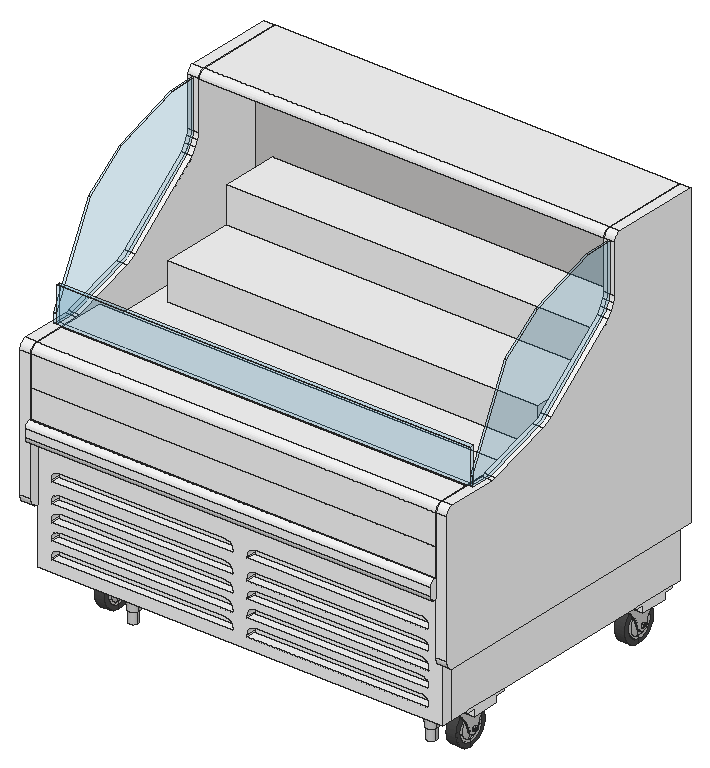
Revit family "QF_EVEREST_EOMH-48-_-35-S_cat", category Specialty Equipment, Revit 2017
Family settings
  Round Connector Dimension = Use Diameter
  Part Type = Normal
  Work Plane-Based = No
  Always vertical = Yes
  Cut with Voids When Loaded = No
  Shared = No
  Room Calculation Point = No
Parameters (values of type "QF_EVEREST_EOMH-48-_-35-S_cat")
  Weight in Pounds = 0
  Watts = if(Phase = 3, Volts * FL Amps * 1.73, Volts * FL Amps)  # 862.5 W
  Volts = 115 V
  URL Cutsheet = ""
  Specification by User = ""
  Specification by Manufacturer = ""
  Serial Number = ""
  Seismic Rating = ""
  SMACNA No = ""
  Revision Code = ""
  Refrigerant Volume = 0.00 kip
  Refrigerant Type = "R290"
  Phase = 1
  Number of Poles = 1
  NAFEM Spec ID Number = ""
  Model = "EOMH-36-B-35-S"
  Min Ckt Ampacity = 0 A
  Max Overcurrent Protection = 0 A
  Materials and Finishes = QF_Plastic - White - Smooth
  Masterspec = ""
  Manufacturer = "EVEREST"
  Length = 48"
  Item Number = ""
  Installed By = ""
  Identify Quantity as Lot = yes
  Height = 46"
  HP = "3/4"  # constant formula
  Furnished By = ""
  Foodservice Equipment Identifier = yes
  FL Amps = 7.5 A  # constant formula
  Electrical Remarks = ""
  Electric Connection Type = ""
  Elec Conn RI Height = 0"
  Elec Conn Connection Height = 0"
  Description = "OPEN AIR MERCHANDISERS"
  Depth = 34 1/4"  # constant formula
  Cycle = 60 Hz
  Conn Plug = "NEMA 5-20P"
  Conn Conduit = yes
  CSI MasterFormat = ""
  BTUH = 0.0 Btu/h
  Apparent Power = if(Phase = 3, Volts * FL Amps * 1.73, Volts * FL Amps)  # 862.5 VA
Reference planes (in)
  plane 1 "BACK": y = 0
  plane 2: z = 0
  plane 3 "LEFT": x = 0
  plane 4 "RIGHT": x = 48
  plane 5 "FRONT": y = -35
  plane 6 "TOP": z = 46
  plane 7 "Center Y": x = 24
  plane 8 "Center X": y = -17.5
  plane 9: z = 5
  plane 10: y = -34.25
  plane 11: z = 28.75
  plane 12: z = 27.60291
  plane 13: z = 41.47791
  plane 14: z = 34.60291
  plane 15: z = 30.60291
  plane 16: x = 34.02396
  plane 17: x = 4.24624
  plane 18: x = 43.75376
  plane 19: x = 12
Forms (in)
  Extrusion 1, solid, material "QF_Plastic - White - Smooth" <- "Materials and Finishes"
    sketch origin (0, 0, 0) x (0, 1, 0) y (0, 0, 1)
      loop
        line (-34.25, 27.89222) -> (-34.25, 13.267)
        arc (-34.25, 13.267) -> (-33.95711, 12.55989) -> (-33.25, 12.267) r 1
        line (-33.25, 12.267) -> (0, 12.267) -> (0, 46) -> (-9.89202, 46)
        arc (-9.89202, 46) -> (-10.42235, 45.78033) -> (-10.64202, 45.25) r 0.75
        line (-10.64202, 45.25) -> (-10.64202, 39.81762)
        arc (-10.64202, 39.81762) -> (-10.67655, 39.48909) -> (-10.77862, 39.17493) r 1.58011
        line (-10.77862, 39.17493) -> (-11.07326, 38.51317)
        arc (-11.07326, 38.51317) -> (-11.27864, 38.16795) -> (-11.55894, 37.88021) r 1.70881
        line (-11.55894, 37.88021) -> (-19.4737, 31.47097)
        arc (-19.4737, 31.47097) -> (-20.01081, 31.10868) -> (-20.60268, 30.84517) r 3.71678
        line (-20.60268, 30.84517) -> (-27.34035, 28.82267)
        arc (-27.34035, 28.82267) -> (-27.58511, 28.76826) -> (-27.83519, 28.75) r 1.72116
        line (-27.83519, 28.75) -> (-33.39222, 28.75)
        arc (-33.39222, 28.75) -> (-33.99876, 28.49876) -> (-34.25, 27.89222) r 0.85778
    from 0 to 1.22604
  Extrusion 2, solid, material "QF_Plastic - White - Smooth" <- "Materials and Finishes"
    sketch origin (0, 0, 0) x (0, 1, 0) y (0, 0, 1)
      loop
        line (0, 46) -> (-9.89202, 46)
        arc (-9.89202, 46) -> (-10.42235, 45.78033) -> (-10.64202, 45.25) r 0.75
        line (-10.64202, 45.25) -> (-2.75, 45.25) -> (-2.75, 24.45765) -> (-33.25, 24.45765) -> (-33.25, 21.29979) -> (-34.35184, 21.29979)
        arc (-34.35184, 21.29979) -> (-34.81016, 21.10995) -> (-35, 20.65164) r 0.64816
        line (-35, 20.65164) -> (-35, 19.73115)
        arc (-35, 19.73115) -> (-34.82789, 19.31565) -> (-34.41239, 19.14354) r 0.58761
        line (-34.41239, 19.14354) -> (-33.25, 19.14354) -> (-32.25, 19.14354) -> (-32.25, 6.017) -> (0, 6.017) -> (0, 46)
    from 1.22604 to 46.78125
  Extrusion 3, solid, material "QF_Plastic - White - Smooth" <- "Materials and Finishes"
    sketch origin (0, -32.25, 6.017) x (0, 0, 1) y (-1, 0, 0)
      loop
        line (13.12655, -1.22604) -> (0, -1.22604) -> (0, -46.78125) -> (13.12655, -46.78125) -> (13.12655, -1.22604)
      loop
        arc (10.31385, -3.79099) -> (10.02095, -3.08389) -> (9.31385, -2.79099) r 1
        line (9.31385, -2.79099) -> (9.12635, -2.79099) -> (9.12635, -23.23578) -> (9.31385, -23.23578)
        arc (9.31385, -23.23578) -> (10.02095, -22.94289) -> (10.31385, -22.23578) r 1
        line (10.31385, -22.23578) -> (10.31385, -3.79099)
      loop
        line (10.31385, -44.21629) -> (10.31385, -25.77879)
        arc (10.31385, -25.77879) -> (10.02095, -25.07169) -> (9.31385, -24.77879) r 1
        line (9.31385, -24.77879) -> (9.12635, -24.77879) -> (9.12635, -45.21629) -> (9.31385, -45.21629)
        arc (9.31385, -45.21629) -> (10.02095, -44.9234) -> (10.31385, -44.21629) r 1
      loop
        arc (8.06385, -3.79099) -> (7.77095, -3.08389) -> (7.06385, -2.79099) r 1
        line (7.06385, -2.79099) -> (6.87635, -2.79099) -> (6.87635, -23.23578) -> (7.06385, -23.23578)
        arc (7.06385, -23.23578) -> (7.77095, -22.94289) -> (8.06385, -22.23578) r 1
        line (8.06385, -22.23578) -> (8.06385, -3.79099)
      loop
        line (8.06385, -44.21629) -> (8.06385, -25.77879)
        arc (8.06385, -25.77879) -> (7.77095, -25.07169) -> (7.06385, -24.77879) r 1
        line (7.06385, -24.77879) -> (6.87635, -24.77879) -> (6.87635, -45.21629) -> (7.06385, -45.21629)
        arc (7.06385, -45.21629) -> (7.77095, -44.9234) -> (8.06385, -44.21629) r 1
      loop
        arc (6.19272, -3.79099) -> (5.89982, -3.08389) -> (5.19272, -2.79099) r 1
        line (5.19272, -2.79099) -> (5.00522, -2.79099) -> (5.00522, -23.23578) -> (5.19272, -23.23578)
        arc (5.19272, -23.23578) -> (5.89982, -22.94289) -> (6.19272, -22.23578) r 1
        line (6.19272, -22.23578) -> (6.19272, -3.79099)
      loop
        line (6.19272, -44.21629) -> (6.19272, -25.77879)
        arc (6.19272, -25.77879) -> (5.89982, -25.07169) -> (5.19272, -24.77879) r 1
        line (5.19272, -24.77879) -> (5.00522, -24.77879) -> (5.00522, -45.21629) -> (5.19272, -45.21629)
        arc (5.19272, -45.21629) -> (5.89982, -44.9234) -> (6.19272, -44.21629) r 1
      loop
        arc (4.32159, -3.79099) -> (4.02869, -3.08389) -> (3.32159, -2.79099) r 1
        line (3.32159, -2.79099) -> (3.13409, -2.79099) -> (3.13409, -23.23578) -> (3.32159, -23.23578)
        arc (3.32159, -23.23578) -> (4.02869, -22.94289) -> (4.32159, -22.23578) r 1
        line (4.32159, -22.23578) -> (4.32159, -3.79099)
      loop
        line (4.32159, -44.21629) -> (4.32159, -25.77879)
        arc (4.32159, -25.77879) -> (4.02869, -25.07169) -> (3.32159, -24.77879) r 1
        line (3.32159, -24.77879) -> (3.13409, -24.77879) -> (3.13409, -45.21629) -> (3.32159, -45.21629)
        arc (3.32159, -45.21629) -> (4.02869, -44.9234) -> (4.32159, -44.21629) r 1
      loop
        arc (2.45046, -3.79099) -> (2.15757, -3.08389) -> (1.45046, -2.79099) r 1
        line (1.45046, -2.79099) -> (1.26296, -2.79099) -> (1.26296, -23.23578) -> (1.45046, -23.23578)
        arc (1.45046, -23.23578) -> (2.15757, -22.94289) -> (2.45046, -22.23578) r 1
        line (2.45046, -22.23578) -> (2.45046, -3.79099)
      loop
        line (2.45046, -44.21629) -> (2.45046, -25.77879)
        arc (2.45046, -25.77879) -> (2.15757, -25.07169) -> (1.45046, -24.77879) r 1
        line (1.45046, -24.77879) -> (1.26296, -24.77879) -> (1.26296, -45.21629) -> (1.45046, -45.21629)
        arc (1.45046, -45.21629) -> (2.15757, -44.9234) -> (2.45046, -44.21629) r 1
    from 0 to 1.03984
  Extrusion 4, solid, material "QF_Plastic - White - Smooth" <- "Materials and Finishes"
    sketch origin (1.22604, 0, 0) x (0, 1, 0) y (0, 0, 1)
      loop
        line (-33.25, 21.29979) -> (-33.25, 24.45765) -> (-34.25, 24.45765) -> (-34.25, 21.29979) -> (-33.25, 21.29979)
    from 0 to 45.55521
  Extrusion 5, solid, material "QF_Plastic - White - Smooth" <- "Materials and Finishes"
    sketch origin (1.22604, 0, -1.12184) x (0, 1, 0) y (0, 0, 1)
      loop
        line (-30, 29.87184) -> (-30, 25.5795) -> (-2.75, 25.5795) -> (-2.75, 27.57767) -> (-24.75, 27.57767) -> (-24.75, 29.87184) -> (-30, 29.87184)
    from 0 to 45.55521
  Extrusion 6, solid, material "QF_Plastic - White - Smooth"
    sketch origin (0, 0, 0) x (0, 1, 0) y (0, 0, 1)
      loop
        line (-9.25, 30.60291) -> (-17.5, 30.60291) -> (-17.5, 26.45582) -> (-2.75, 26.45582) -> (-2.75, 34.60291) -> (-9.25, 34.60291) -> (-9.25, 30.60291)
    from 3.22604 to 44.77396
  Extrusion 7, solid, material "QF_Plastic - White - Smooth" <- "Materials and Finishes"
    sketch origin (0, 0, 0) x (0, 1, 0) y (0, 0, 1)
      loop
        line (-29.89975, 6.017) -> (-29.89975, 5.767) -> (-28.83868, 5.767) -> (-28.83868, 5) -> (-25.83868, 5) -> (-25.83868, 5.767) -> (-24.79418, 5.767) -> (-24.79418, 6.017) -> (-29.89975, 6.017)
      loop
        line (-6.20569, 6.017) -> (-6.20569, 5.767) -> (-5.14462, 5.767) -> (-5.14462, 5) -> (-2.14462, 5) -> (-2.14462, 5.767) -> (-1.10012, 5.767) -> (-1.10012, 6.017) -> (-6.20569, 6.017)
    from 1.22604 to 46.78125
  Extrusion 8, solid, material "QF_Plastic - White - Smooth" <- "Materials and Finishes"
    sketch origin (1.22604, 0, -1.12184) x (0, 1, 0) y (0, 0, 1)
      loop
        line (-34.25, 29.0036) -> (-34.25, 25.5795) -> (-30, 25.5795) -> (-30, 29.87184) -> (-33.38176, 29.87184)
        arc (-33.38176, 29.87184) -> (-33.9957, 29.61754) -> (-34.25, 29.0036) r 0.86824
    from 0 to 45.55521
  Extrusion 9, solid, material "Glass"
    sketch origin (1.22604, 0, 0) x (0, 1, 0) y (0, 0, 1)
      loop
        arc (-11.55894, 37.88021) -> (-11.27864, 38.16795) -> (-11.07326, 38.51317) r 1.70881
        line (-11.07326, 38.51317) -> (-10.77862, 39.17493)
        arc (-10.77862, 39.17493) -> (-10.67655, 39.48909) -> (-10.64202, 39.81762) r 1.58011
        line (-10.64202, 39.81762) -> (-10.64202, 45.10064) -> (-13.67862, 45.10064) -> (-20.83286, 42.70924) -> (-25.14273, 39.53363) -> (-29.99971, 29.89792) -> (-29.99971, 28.75) -> (-27.83519, 28.75)
        arc (-27.83519, 28.75) -> (-27.58511, 28.76826) -> (-27.34035, 28.82267) r 1.72116
        line (-27.34035, 28.82267) -> (-20.0367, 31.01506) -> (-11.55894, 37.88021)
    from -0.51714 to -0.7699
  Extrusion 10, solid, material "Glass"
    sketch origin (48, 0, 0) x (0, -1, 0) y (0, 0, 1)
      loop
        line (20.83286, 42.70924) -> (13.67862, 45.10064) -> (10.64202, 45.10064) -> (10.64202, 39.81762)
        arc (10.64202, 39.81762) -> (10.67655, 39.48909) -> (10.77862, 39.17493) r 1.58011
        line (10.77862, 39.17493) -> (11.07326, 38.51317)
        arc (11.07326, 38.51317) -> (11.27864, 38.16795) -> (11.55894, 37.88021) r 1.70881
        line (11.55894, 37.88021) -> (20.0367, 31.01506) -> (27.34035, 28.82267)
        arc (27.34035, 28.82267) -> (27.58511, 28.76826) -> (27.83519, 28.75) r 1.72116
        line (27.83519, 28.75) -> (29.99971, 28.75) -> (29.99971, 29.89792) -> (25.14273, 39.53363) -> (20.83286, 42.70924)
    from 0.51563 to 0.76953
  Extrusion 11, solid, material "QF_Plastic - White - Smooth" <- "Materials and Finishes"
    sketch origin (48, 0, 0) x (0, -1, 0) y (0, 0, 1)
      loop
        arc (34.25, 27.89222) -> (33.99876, 28.49876) -> (33.39222, 28.75) r 0.85778
        line (33.39222, 28.75) -> (27.83519, 28.75)
        arc (27.83519, 28.75) -> (27.58511, 28.76826) -> (27.34035, 28.82267) r 1.72116
        line (27.34035, 28.82267) -> (20.60268, 30.84517)
        arc (20.60268, 30.84517) -> (20.01081, 31.10868) -> (19.4737, 31.47097) r 3.71678
        line (19.4737, 31.47097) -> (11.55894, 37.88021)
        arc (11.55894, 37.88021) -> (11.27864, 38.16795) -> (11.07326, 38.51317) r 1.70881
        line (11.07326, 38.51317) -> (10.77862, 39.17493)
        arc (10.77862, 39.17493) -> (10.67655, 39.48909) -> (10.64202, 39.81762) r 1.58011
        line (10.64202, 39.81762) -> (10.64202, 45.25)
        arc (10.64202, 45.25) -> (10.42235, 45.78033) -> (9.89202, 46) r 0.75
        line (9.89202, 46) -> (0, 46) -> (0, 12.267) -> (33.25, 12.267)
        arc (33.25, 12.267) -> (33.95711, 12.55989) -> (34.25, 13.267) r 1
        line (34.25, 13.267) -> (34.25, 27.89222)
    from 0 to 1.21875
  Extrusion 12, solid, material "QF_Metal - Stainless - Polished"
    sketch origin (-6.625, 0.75, 0) x (1, 0, 0) y (0, 1, 0)
      loop
        line (17.93111, 0.25) -> (17.62982, -0.625) -> (17.14606, -0.625) -> (17.08777, -0.75) -> (17.71898, -0.75) -> (18.02027, 0.125) -> (19.22973, 0.125) -> (19.53102, -0.75) -> (20.16223, -0.75) -> (20.10394, -0.625) -> (19.62018, -0.625) -> (19.31889, 0.25) -> (17.93111, 0.25)
    from 30.20553 to 31.45625
  Extrusion 13, solid, material "Glass"
    sketch origin (0.7089, 0, 0) x (0, 1, 0) y (0, 0, 1)
      loop
        line (-30, 28.75) -> (-29.5, 28.75) -> (-29.5, 32.75) -> (-30, 32.75) -> (-30, 28.75)
    from 0 to 46.52157
  Extrusion 14, solid, material "QF_Metal - Stainless - Polished"
    sketch origin (54.625, 0.75, 0) x (-1, 0, 0) y (0, -1, 0)
      loop
        line (17.93111, -0.25) -> (19.31889, -0.25) -> (19.62018, 0.625) -> (20.10394, 0.625) -> (20.16223, 0.75) -> (19.53102, 0.75) -> (19.22973, -0.125) -> (18.02027, -0.125) -> (17.71898, 0.75) -> (17.08777, 0.75) -> (17.14606, 0.625) -> (17.62982, 0.625) -> (17.93111, -0.25)
    from 30.20553 to 31.45625
Lines and regions (in)
  symbolic lines
    curve 1: line (0, -34.25, 0) -> (48, -34.25, 0)
    curve 2: line (0, 0, 0) -> (0, -34.25, 0)
    curve 3: line (48, 0, 0) -> (0, 0, 0)
    curve 4: line (48, -34.25, 0) -> (48, 0, 0)
    curve 5: line (1.22604, -35, 0) -> (1.22604, -34.25, 0)
    curve 6: line (1.22604, -35, 0) -> (46.77396, -35, 0)
    curve 7: line (46.77396, -35, 0) -> (46.77396, -34.25, 0)
    curve 8: line (1.22604, 0, 0) -> (1.22604, -34.25, 0)
    curve 9: line (46.77396, 0, 0) -> (46.77396, -34.25, 0)
    curve 10: line (0.45614, -30.09346, 0) -> (0.7089, -30.09346, 0)
    curve 11: line (0.7089, -30.09346, 0) -> (0.7089, -10.64202, 0)
    curve 12: line (0.45614, -30.09346, 0) -> (0.45614, -10.64202, 0)
    curve 13: line (0, -10.64202, 0) -> (48, -10.64202, 0)
    curve 14: line (47.2911, -30.09346, 0) -> (47.2911, -10.64202, 0)
    curve 15: line (47.2911, -30.09346, 0) -> (47.54386, -30.09346, 0)
    curve 16: line (47.54386, -30.09346, 0) -> (47.54386, -10.64202, 0)
    curve 17: line (1.22604, -24.75, 0) -> (46.77396, -24.75, 0)
    curve 18: line (12.69389, 1, 0) -> (11.30611, 1, 0)
    curve 19: line (10.52106, 0.125, 0) -> (10.46277, 0, 0)
    curve 20: line (12.99518, 0.125, 0) -> (12.69389, 1, 0)
    curve 21: line (13.47894, 0.125, 0) -> (12.99518, 0.125, 0)
    curve 22: line (13.53723, 0, 0) -> (13.47894, 0.125, 0)
    curve 23: line (12.60473, 0.875, 0) -> (12.90602, 0, 0)
    curve 24: line (11.39527, 0.875, 0) -> (12.60473, 0.875, 0)
    curve 25: line (11.09398, 0, 0) -> (11.39527, 0.875, 0)
    curve 26: line (11.30611, 1, 0) -> (11.00482, 0.125, 0)
    curve 27: line (11.00482, 0.125, 0) -> (10.52106, 0.125, 0)
    curve 28: line (35.30611, 1, 0) -> (36.69389, 1, 0)
    curve 29: line (37.47894, 0.125, 0) -> (37.53723, 0, 0)
    curve 30: line (35.00482, 0.125, 0) -> (35.30611, 1, 0)
    curve 31: line (34.52106, 0.125, 0) -> (35.00482, 0.125, 0)
    curve 32: line (34.46277, 0, 0) -> (34.52106, 0.125, 0)
    curve 33: line (35.39527, 0.875, 0) -> (35.09398, 0, 0)
    curve 34: line (36.60473, 0.875, 0) -> (35.39527, 0.875, 0)
    curve 35: line (36.90602, 0, 0) -> (36.60473, 0.875, 0)
    curve 36: line (36.69389, 1, 0) -> (36.99518, 0.125, 0)
    curve 37: line (36.99518, 0.125, 0) -> (37.47894, 0.125, 0)
Dimensions and locks (in)
  equal spacing: plane 3 "LEFT", plane 7 "Center Y", plane 4 "RIGHT"
  "Length": plane 3 "LEFT" to plane 4 "RIGHT"
  equal spacing: plane 5 "FRONT", plane 8 "Center X", plane 1 "BACK"
  plane 5 "FRONT" to plane 1 "BACK" = 35"  (x2)
  "Height": plane 6 "TOP" to level
  plane 9 to plane 2 = 5"
  plane 6 "TOP" to plane 9 = 41"
  plane 4 "RIGHT" to plane 3 "LEFT" = 48"
  "Depth": plane 1 "BACK" to plane 10
  plane 11 to plane 2 = 28 3/4"
  plane 14 to plane 13 = 6 7/8"
  plane 15 to plane 13 = 10 7/8"
  plane 12 to plane 13 = 13 7/8"
  locked: plane 4 "RIGHT" to Extrusion 6 at 3.22604
  locked: plane 3 "LEFT" to Extrusion 6 at 3.22604
  locked: Extrusion 11 to plane 4 "RIGHT" at 1.21875
  locked: plane 18 to plane 4 "RIGHT" at 4.24624
  aligned and locked: plane 2 to level
  aligned and locked: Extrusion 2 to Extrusion 7
  aligned and locked: Extrusion 2 to Extrusion 11
  aligned and locked: Extrusion 8 to Extrusion 11
  aligned and locked: Extrusion 5 to Extrusion 11
  aligned and locked: Extrusion 4 to Extrusion 11
Automatic sketch dimensions
  curve 13 to plane 3 "LEFT" = 0"
  plane 5 "FRONT" to curve 6 = 0"
  plane 1 "BACK" to curve 8 = 0"
  curve 8 to plane 10 = 0"
  curve 4 to plane 4 "RIGHT" = 0"
  plane 3 "LEFT" to curve 10 = 0.45614"
  curve 10 to curve 10 = 0.25276"
  plane 3 "LEFT" to curve 6 = 1.22604"
  curve 27 to plane 1 "BACK" = 1/8"
  curve 27 to plane 19 = 1.47894"
  curve 19 to curve 26 = 0.48376"
  curve 18 to plane 19 = 0.69389"
  curve 18 to curve 25 = 0.08916"
  plane 19 to curve 24 = 0.60473"
  curve 23 to curve 20 = 0.08916"  (x2)
  curve 20 to plane 1 "BACK" = 1/8"
  curve 23 to curve 20 = 0.39045"
  curve 20 to curve 22 = 0.48376"
  curve 32 to plane 1 "BACK" = 1/8"
  curve 32 to plane 16 = 0.49709"
  curve 31 to curve 31 = 0.48376"
  curve 30 to curve 28 = 0.30129"
  curve 28 to curve 34 = 0.08916"
  curve 33 to curve 34 = 1.20946"
  curve 36 to plane 1 "BACK" = 1"
  curve 34 to curve 36 = 0.08916"
  curve 36 to plane 1 "BACK" = 1/8"
  curve 34 to curve 36 = 0.39045"
  curve 36 to curve 29 = 0.48376"
  plane 4 "RIGHT" to curve 7 = 1.22604"
  plane 4 "RIGHT" to curve 15 = 0.7089"
  curve 14 to curve 16 = 0.25276"
  plane 10 to curve 10 = 4.15654"
  plane 10 to curve 16 = 4.15654"
  curve 26 to curve 24 = 3/4"
  curve 35 to curve 28 = 1/8"
  curve 24 to curve 26 = 1/8"
  plane 3 "LEFT" to curve 17 = 1.22604"
  curve 19 to curve 19 = 0.05829"
  curve 26 to curve 25 = 0.08916"
  curve 21 to curve 22 = 0.05829"
  curve 32 to curve 31 = 0.05829"
  curve 30 to curve 33 = 0.08916"
  curve 35 to curve 36 = 0.08916"
  curve 29 to curve 29 = 0.05829"
  plane 4 "RIGHT" to curve 17 = 1.22604"
  curve 10 to curve 17 = 5.34346"
  plane 8 "Center X" to curve 12 = 6.85798"
  Extrusion 1 sketch curve to plane 10 = 0"
  Extrusion 1 sketch curve to plane 11 = 0"
  Extrusion 1 sketch curve to plane 6 "TOP" = 0"
  Extrusion 1 sketch curve to plane 1 "BACK" = 0"
  Extrusion 1 sketch curve to plane 12 = 0.28931"
  plane 10 to Extrusion 1 sketch curve = 1"
  plane 15 to Extrusion 1 sketch curve = 0.13175"
  Extrusion 1 sketch curve to Extrusion 1 sketch curve = 5.55703"
  plane 11 to Extrusion 1 sketch curve = 0.07267"
  plane 14 to Extrusion 1 sketch curve = 0.24346"
  Extrusion 1 sketch curve to plane 8 "Center X" = 4.31274"
  Extrusion 1 sketch curve to plane 15 = 0.24226"
  Extrusion 1 sketch curve to plane 8 "Center X" = 3.10268"
  Extrusion 1 sketch curve to plane 15 = 0.86806"
  plane 13 to Extrusion 1 sketch curve = 2.26971"
  plane 8 "Center X" to Extrusion 1 sketch curve = 4.86567"
  Extrusion 1 sketch curve to Extrusion 1 sketch curve = 0.4122"
  Extrusion 1 sketch curve to Extrusion 1 sketch curve = 1.07539"
  plane 13 to Extrusion 1 sketch curve = 2.96474"
  Extrusion 1 sketch curve to Extrusion 1 sketch curve = 0.48569"
  plane 13 to Extrusion 1 sketch curve = 2.30298"
  Extrusion 1 sketch curve to Extrusion 1 sketch curve = 0.29463"
  Extrusion 1 sketch curve to Extrusion 1 sketch curve = 0.13661"
  Extrusion 1 sketch curve to Extrusion 1 sketch curve = 3/4"
  plane 9 to Extrusion 1 sketch curve = 8.267"
  Extrusion 2 sketch curve to plane 5 "FRONT" = 0"
  Extrusion 2 sketch curve to plane 6 "TOP" = 0"
  Extrusion 2 sketch curve to plane 1 "BACK" = 0"
  Extrusion 2 sketch curve to plane 10 = 0.16239"
  Extrusion 2 sketch curve to plane 10 = 0.10184"
  plane 10 to Extrusion 2 sketch curve = 1"  (x2)
  Extrusion 2 sketch curve to Extrusion 2 sketch curve = 1"
  Extrusion 2 sketch curve to plane 6 "TOP" = 3/4"
  plane 8 "Center X" to Extrusion 2 sketch curve = 6.85798"
  plane 1 "BACK" to Extrusion 2 sketch curve = 2 3/4"
  plane 12 to Extrusion 2 sketch curve = 3.14526"
  Extrusion 2 sketch curve to Extrusion 2 sketch curve = 3.15786"
  Extrusion 2 sketch curve to Extrusion 2 sketch curve = 0.92048"
  plane 9 to Extrusion 2 sketch curve = 1.017"
  Extrusion 3 sketch curve to Extrusion 2 = 0"  (x4)
  Extrusion 2 to Extrusion 3 sketch curve = 1.26296"  (x2)
  Extrusion 3 sketch curve to Extrusion 3 sketch curve = 3/16"  (x16)
  Extrusion 3 sketch curve to Extrusion 3 sketch curve = 1"  (x14)
  Extrusion 3 sketch curve to Extrusion 3 sketch curve = 0.68363"  (x6)
  Extrusion 3 sketch curve to Extrusion 3 sketch curve = 0.87113"  (x4)
  Extrusion 3 sketch curve to Extrusion 3 sketch curve = 1 1/16"  (x2)
  Extrusion 2 to Extrusion 3 sketch curve = 1.56496"  (x3)
  Extrusion 3 sketch curve to Extrusion 3 sketch curve = 18 7/16"
  Extrusion 3 sketch curve to Extrusion 3 sketch curve = 0"  (x7)
  Extrusion 3 sketch curve to Extrusion 3 sketch curve = 1.54301"  (x3)
  Extrusion 2 to Extrusion 3 sketch curve = 2.56496"  (x2)
  Extrusion 4 sketch curve to Extrusion 1 = 0"
  Extrusion 4 sketch curve to Extrusion 4 sketch curve = 1"
  Extrusion 4 sketch curve to Extrusion 1 = 7.45021"
  Extrusion 4 sketch curve to Extrusion 4 sketch curve = 3.15786"
  Extrusion 5 sketch curve to Extrusion 1 = 0"
  Extrusion 5 sketch curve to Extrusion 1 = 4 1/4"
  Extrusion 5 sketch curve to Extrusion 1 = 2.29418"
  Extrusion 5 sketch curve to Extrusion 5 sketch curve = 5 1/4"
  Extrusion 5 sketch curve to Extrusion 1 = 2 3/4"
  Extrusion 5 sketch curve to Extrusion 5 sketch curve = 1.99817"
  Extrusion 6 sketch curve to plane 8 "Center X" = 0"
  plane 15 to Extrusion 6 sketch curve = 0"
  plane 14 to Extrusion 6 sketch curve = 0"
  plane 8 "Center X" to Extrusion 6 sketch curve = 8 1/4"
  plane 1 "BACK" to Extrusion 6 sketch curve = 2 3/4"
  plane 12 to Extrusion 6 sketch curve = 1.14709"
  Extrusion 7 sketch curve to plane 9 = 0"  (x2)
  plane 9 to Extrusion 7 sketch curve = 1.017"  (x2)
  plane 10 to Extrusion 7 sketch curve = 4.35025"
  Extrusion 7 sketch curve to Extrusion 7 sketch curve = 1.06106"  (x2)
  Extrusion 7 sketch curve to Extrusion 7 sketch curve = 3"
  Extrusion 7 sketch curve to Extrusion 7 sketch curve = 1.0445"  (x2)
  plane 1 "BACK" to Extrusion 7 sketch curve = 6.20569"
  plane 1 "BACK" to Extrusion 7 sketch curve = 2.14462"
  Extrusion 7 sketch curve to Extrusion 7 sketch curve = 0.767"  (x3)
  Extrusion 7 sketch curve to Extrusion 7 sketch curve = 1/4"
  Extrusion 8 sketch curve to Extrusion 1 = 0"  (x2)
  Extrusion 8 sketch curve to Extrusion 1 = 0.86824"
  Extrusion 8 sketch curve to Extrusion 8 sketch curve = 4 1/4"
  Extrusion 8 sketch curve to Extrusion 1 = 4.29235"
  Extrusion 9 sketch curve to Extrusion 1 = 0"
  Extrusion 1 to Extrusion 9 sketch curve = 0"
  Extrusion 1 to Extrusion 9 sketch curve = 1.14792"
  Extrusion 9 sketch curve to Extrusion 9 sketch curve = 2.16452"
  Extrusion 1 to Extrusion 9 sketch curve = 0.07267"
  Extrusion 9 sketch curve to Extrusion 1 = 9.10727"
  Extrusion 9 sketch curve to Extrusion 1 = 3.29076"
  Extrusion 9 sketch curve to Extrusion 9 sketch curve = 4.30988"
  Extrusion 9 sketch curve to Extrusion 1 = 0.89936"
  Extrusion 1 to Extrusion 9 sketch curve = 3.0366"
  Extrusion 1 to Extrusion 9 sketch curve = 0.43124"
  Extrusion 1 to Extrusion 9 sketch curve = 0.13661"
  Extrusion 9 sketch curve to Extrusion 9 sketch curve = 3.17561"
  Extrusion 9 sketch curve to Extrusion 9 sketch curve = 0.48569"
  Extrusion 9 sketch curve to Extrusion 9 sketch curve = 0"
  Extrusion 10 sketch curve to plane 11 = 0"
  Extrusion 10 sketch curve to plane 6 "TOP" = 0.89936"
  plane 8 "Center X" to Extrusion 10 sketch curve = 6.85798"
  plane 13 to Extrusion 10 sketch curve = 2.30298"
  Extrusion 10 sketch curve to Extrusion 10 sketch curve = 0.13661"
  plane 13 to Extrusion 10 sketch curve = 2.96474"
  Extrusion 10 sketch curve to Extrusion 10 sketch curve = 0.29463"
  Extrusion 10 sketch curve to plane 14 = 3.2773"
  Extrusion 10 sketch curve to Extrusion 10 sketch curve = 0.48569"
  Extrusion 10 sketch curve to Extrusion 10 sketch curve = 1.4435"
  Extrusion 10 sketch curve to Extrusion 10 sketch curve = 0.4122"
  Extrusion 10 sketch curve to Extrusion 10 sketch curve = 3.0366"
  Extrusion 10 sketch curve to plane 15 = 0.41215"
  Extrusion 10 sketch curve to plane 8 "Center X" = 2.5367"
  Extrusion 10 sketch curve to plane 13 = 1.23133"
  Extrusion 10 sketch curve to plane 8 "Center X" = 3.33286"
  plane 13 to Extrusion 10 sketch curve = 1.94428"
  Extrusion 10 sketch curve to Extrusion 10 sketch curve = 4.30988"
  plane 11 to Extrusion 10 sketch curve = 0.07267"
  plane 10 to Extrusion 10 sketch curve = 6.90965"
  Extrusion 10 sketch curve to Extrusion 10 sketch curve = 0.49484"
  plane 15 to Extrusion 10 sketch curve = 0.70499"
  Extrusion 10 sketch curve to Extrusion 10 sketch curve = 2.16452"
  Extrusion 11 sketch curve to plane 1 "BACK" = 0"
  Extrusion 11 sketch curve to plane 6 "TOP" = 0"
  Extrusion 11 sketch curve to plane 11 = 0"
  Extrusion 11 sketch curve to plane 10 = 0"
  plane 8 "Center X" to Extrusion 11 sketch curve = 7.60798"
  Extrusion 11 sketch curve to plane 6 "TOP" = 3/4"
  plane 13 to Extrusion 11 sketch curve = 2.30298"
  Extrusion 11 sketch curve to Extrusion 11 sketch curve = 0.13661"
  plane 13 to Extrusion 11 sketch curve = 2.96474"
  Extrusion 11 sketch curve to Extrusion 11 sketch curve = 0.29463"
  Extrusion 11 sketch curve to plane 14 = 3.2773"
  Extrusion 11 sketch curve to Extrusion 11 sketch curve = 0.48569"
  Extrusion 11 sketch curve to Extrusion 11 sketch curve = 1.4435"
  Extrusion 11 sketch curve to Extrusion 11 sketch curve = 0.4122"
  Extrusion 11 sketch curve to plane 15 = 0.86806"
  Extrusion 11 sketch curve to plane 8 "Center X" = 1.9737"
  Extrusion 11 sketch curve to plane 15 = 0.24226"
  Extrusion 11 sketch curve to Extrusion 11 sketch curve = 1.12898"
  plane 14 to Extrusion 11 sketch curve = 0.24346"
  plane 11 to Extrusion 11 sketch curve = 0.07267"
  plane 10 to Extrusion 11 sketch curve = 6.90965"
  plane 15 to Extrusion 11 sketch curve = 0.13175"
  Extrusion 11 sketch curve to Extrusion 11 sketch curve = 1"
  plane 10 to Extrusion 11 sketch curve = 0.85778"
  plane 9 to Extrusion 11 sketch curve = 8.267"
  plane 1 "BACK" to Extrusion 12 sketch curve = 0"  (x2)
  Extrusion 12 sketch curve to plane 19 = 1.53723"
  Extrusion 12 sketch curve to plane 1 "BACK" = 1/8"  (x2)
  Extrusion 12 sketch curve to Extrusion 12 sketch curve = 0.05829"  (x2)
  Extrusion 12 sketch curve to Extrusion 12 sketch curve = 0.48376"  (x2)
  Extrusion 12 sketch curve to Extrusion 12 sketch curve = 0.08916"  (x4)
  Extrusion 12 sketch curve to plane 19 = 0.69389"
  plane 19 to Extrusion 12 sketch curve = 0.60473"
  plane 19 to Extrusion 12 sketch curve = 0.90602"
  Extrusion 12 sketch curve to Extrusion 12 sketch curve = 3/4"
  Extrusion 12 sketch curve to Extrusion 12 sketch curve = 1/8"
  Extrusion 13 sketch curve to plane 11 = 0"
  plane 14 to Extrusion 13 sketch curve = 1.85291"
  plane 10 to Extrusion 13 sketch curve = 4 1/4"
  Extrusion 13 sketch curve to Extrusion 13 sketch curve = 1/2"
  plane 1 "BACK" to Extrusion 14 sketch curve = 0"  (x2)
  Extrusion 14 sketch curve to plane 16 = 3.51327"
  Extrusion 14 sketch curve to plane 1 "BACK" = 1/8"  (x2)
  Extrusion 14 sketch curve to Extrusion 14 sketch curve = 0.05829"  (x2)
  Extrusion 14 sketch curve to Extrusion 14 sketch curve = 0.48376"  (x2)
  Extrusion 14 sketch curve to Extrusion 14 sketch curve = 0.08916"  (x4)
  Extrusion 14 sketch curve to plane 1 "BACK" = 1"
  Extrusion 14 sketch curve to Extrusion 14 sketch curve = 0.30129"  (x2)
  Extrusion 14 sketch curve to Extrusion 14 sketch curve = 1.20946"
  Extrusion 14 sketch curve to Extrusion 14 sketch curve = 1/8"
  radius of Extrusion 9 sketch curve to Extrusion 1 = 0"  (x3)
Nested families (in)
  nested 1: "5 INCHES 01_CASTER 2" at (4.24624, -27.33868, 0), type "5 INCHES 01_CASTER 2"
    with Type Mark "", Specification by User "", Revision Code "", Item Number "", Installed By "", Identify Quantity as Lot yes, Furnished By "", Foodservice Equipment Identifier yes
  nested 2: "5 INCHES 01_CASTER 2" at (43.75376, -27.33868, 0), type "5 INCHES 01_CASTER 2"
    with Type Mark "", Specification by User "", Revision Code "", Item Number "", Installed By "", Identify Quantity as Lot yes, Furnished By "", Foodservice Equipment Identifier yes
  nested 3: "5 INCHES 01_CASTER 2" at (4.24624, -3.64462, 0), type "5 INCHES 01_CASTER 2"
    with Type Mark "", Specification by User "", Revision Code "", Item Number "", Installed By "", Identify Quantity as Lot yes, Furnished By "", Foodservice Equipment Identifier yes
  nested 4: "5 INCHES 01_CASTER 2" at (43.75376, -3.64462, 0), type "5 INCHES 01_CASTER 2"
    with Type Mark "", Specification by User "", Revision Code "", Item Number "", Installed By "", Identify Quantity as Lot yes, Furnished By "", Foodservice Equipment Identifier yes
  nested 5: "4 INCHES LEGS" at (7.24624, -27.33868, 0), type "4 INCHES LEGS"
    with Type Mark "", Status "", Specification by User "", Show Legs yes, Show 6" Casters yes, Revision Code "", Item Number "", Installed By "", Identify Quantity as Lot yes, Furnished By "", Foodservice Equipment Identifier yes
  nested 6: "4 INCHES LEGS" at (40.75376, -27.33868, 0) x (-1, 0, 0) z (0, 0, 1), type "4 INCHES LEGS"
    with Type Mark "", Status "", Specification by User "", Show Legs yes, Show 6" Casters yes, Revision Code "", Item Number "", Installed By "", Identify Quantity as Lot yes, Furnished By "", Foodservice Equipment Identifier yes
Connectors (in)
  electrical at (37.22162, 0, 30.83089), driven by "Volts", driven by "Watts"
    settings: on Extrusion 14, index 4, voltage 115 V, apparent load 862.5 VA, apparent load phase1 0 VA, apparent load phase2 0 VA, apparent load phase3 0 VA, power factor 1, load classification "Other", number of poles 1, system type 30, power factor state 1, is connector primary yes, connector utility no, sub classification motor no, connector description "ELECTRICAL CONNECTION"
Definition of nested family "5 INCHES 01_CASTER 2"
  Parameters (values of type "5 INCHES 01_CASTER 2")
    Weight = ""
    URL Manufacturer = ""
    URL Cutsheet = ""
    URL = ""
    Type Mark [instance] = ""
    Specification by User [instance] = ""
    Specification by Manufacturer = ""
    Serial Number = ""
    Seismic Rating = ""
    SMACNA No = ""
    Revision Code [instance] = ""
    Omniclass Number and Title = ""
    NAFEM Spec ID Number = ""
    Model = ""
    MasterSpec. = ""
    Manufacturer = ""
    Item Number [instance] = ""
    Installed By [instance] = ""
    Identify Quantity as Lot [instance] = yes
    Furnished By [instance] = ""
    Foodservice Equipment Identifier [instance] = yes
    Description = ""
    CSI MasterFormat = ""
    CSI Master Format = ""
    Assembly Code = ""
  Reference planes (in)
    plane 1: z = 0
    plane 2 "RIGHT": x = 0
    plane 3 "FRONT": y = 0
    plane 4 "TOP": z = 5
  Forms (in)
    Revolve 1, solid
      sketch origin (-1.93794, 0.99859, -1.0041) x (1, 0, 0) y (0, 0, 1)
        loop
          line (0.74055, 3.0041) -> (0.74055, 2.9286) -> (0.79055, 2.8786) -> (0.85055, 2.8786) -> (0.85055, 2.75852) -> (1.235, 2.75852) -> (1.235, 2.56618) -> (1.37557, 2.48502) -> (1.49133, 1.76972) -> (1.34375, 1.76972) -> (1.34375, 1.53535) -> (1.375, 1.53535) -> (1.375, 1.0041) -> (2.48438, 1.0041) -> (2.48438, 1.53535) -> (2.51563, 1.53535) -> (2.51563, 1.76972) -> (2.36805, 1.76972) -> (2.48438, 2.48853) -> (2.62438, 2.56936) -> (2.62438, 2.75852) -> (3.04007, 2.75852) -> (3.04007, 2.8786) -> (3.10007, 2.8786) -> (3.15007, 2.9286) -> (3.15007, 3.0041) -> (0.74055, 3.0041)
        axis (0.74055, 3.0041) -> (3.15007, 3.0041)
      angle from 0 to 360
    Extrusion 2, solid
      sketch origin (-1.93794, 1.96337, -0.7541) x (0, 1, 0) y (0, 0, 1)
        loop
          line (-3.37739, 5.33423) -> (-3.37739, 4.92712) -> (-2.49294, 4.92712)
          arc (-2.49294, 4.92712) -> (-1.47209, 4.91752) -> (-0.46376, 4.75787) r 6.92153
          arc (-0.46376, 4.75787) -> (0.14199, 4.53396) -> (0.67481, 4.16904) r 2.62713
          line (0.67481, 4.16904) -> (0.7876, 4.33012)
          arc (0.7876, 4.33012) -> (0.48098, 4.5674) -> (0.13288, 4.73811) r 1.91675
          line (0.13288, 4.73811) -> (0.21197, 4.87494)
          arc (0.21197, 4.87494) -> (-0.1576, 5.02102) -> (-0.54934, 5.08775) r 1.91675
          line (-0.54934, 5.08775) -> (-0.54934, 5.33423) -> (-3.37739, 5.33423)
      from 1.17357 to 2.70231
    Revolve 3, solid
      sketch origin (0, 2.15543, -1.25) x (0, 1, 0) y (0, 0, 1)
        loop
          line (-2.21793, 6.25) -> (-2.21793, 5.83014) -> (-1.05793, 5.83014) -> (-1.05793, 6.25) -> (-2.21793, 6.25)
        axis (-2.21793, 5.83014) -> (-2.21793, 6.25)
      angle from 0 to 360
    Extrusion 4, solid
      sketch origin (-1.98481, 1.96337, -0.7541) x (0, 1, 0) y (0, 0, 1)
        loop
          line (-3.37739, 5.33423) -> (-3.37739, 4.92712) -> (-3.13361, 4.92712)
          arc (-3.13361, 4.92712) -> (-2.12623, 3.92533) -> (-1.55834, 2.62307) r 3.79122
          arc (-1.55834, 2.62307) -> (-0.81477, 2.14247) -> (-0.31772, 2.87515) r 0.63314
          arc (-0.31772, 2.87515) -> (-0.02244, 3.67728) -> (0.68637, 4.15498) r 1.39003
          line (0.68637, 4.15498) -> (0.7876, 4.33012)
          arc (0.7876, 4.33012) -> (0.48098, 4.5674) -> (0.13288, 4.73811) r 1.91675
          line (0.13288, 4.73811) -> (0.21197, 4.87494)
          arc (0.21197, 4.87494) -> (-0.1576, 5.02102) -> (-0.54934, 5.08775) r 1.91675
          line (-0.54934, 5.08775) -> (-0.54934, 5.33423) -> (-3.37739, 5.33423)
      from 2.74918 to 2.90825
    Extrusion 5, solid
      sketch origin (1.98481, 1.96337, -0.7541) x (0, 1, 0) y (0, 0, -1)
        loop
          line (-3.37739, -5.33423) -> (-0.54934, -5.33423) -> (-0.54934, -5.08775)
          arc (-0.54934, -5.08775) -> (-0.1576, -5.02102) -> (0.21197, -4.87494) r 1.91675
          line (0.21197, -4.87494) -> (0.13288, -4.73811)
          arc (0.13288, -4.73811) -> (0.48098, -4.5674) -> (0.7876, -4.33012) r 1.91675
          line (0.7876, -4.33012) -> (0.68637, -4.15498)
          arc (0.68637, -4.15498) -> (-0.02244, -3.67728) -> (-0.31772, -2.87515) r 1.39003
          arc (-0.31772, -2.87515) -> (-0.81477, -2.14247) -> (-1.55834, -2.62307) r 0.63314
          arc (-1.55834, -2.62307) -> (-2.12623, -3.92533) -> (-3.13361, -4.92712) r 3.79122
          line (-3.13361, -4.92712) -> (-3.37739, -4.92712) -> (-3.37739, -5.33423)
      from 2.74918 to 2.90825
  Cuts and joins
    joined: Extrusion 2, Extrusion 4, Extrusion 5
  Lines and regions (in)
    symbolic lines
      curve 1: line (0.54262, 2.21348, 0) -> (1.50337, 1.65879, 0)
      curve 2: line (-1.45738, -1.25062, 0) -> (-0.70738, 0.04842, 0)
      curve 3: line (-0.49663, -1.80531, 0) -> (-1.45738, -1.25062, 0)
      curve 4: line (1.50337, 1.65879, 0) -> (0.75337, 0.35975, 0)
      curve 5: line (-0.20738, 0.91444, 0) -> (0.54262, 2.21348, 0)
      curve 6: line (0.25337, -0.50627, 0) -> (-0.49663, -1.80531, 0)
  Dimensions and locks (in)
    plane 4 "TOP" to level = 5"  (x2)
    aligned and locked: level to plane 1
Definition of nested family "4 INCHES LEGS"
  Parameters (values of type "4 INCHES LEGS")
    Weight = ""
    URL Manufacturer = ""
    URL Cutsheet = ""
    URL = ""
    Type Mark [instance] = ""
    Status [instance] = ""
    Specification by User [instance] = ""
    Specification by Manufacturer = ""
    Show Legs [instance] = yes
    Show 6" Casters [instance] = yes
    Serial Number = ""
    Seismic Rating = ""
    SMACNA No = ""
    Revision Code [instance] = ""
    Omniclass Number and Title = ""
    NAFEM Spec ID Number = ""
    Model = ""
    MasterSpec. = ""
    Manufacturer = ""
    Item Number [instance] = ""
    Installed By [instance] = ""
    Identify Quantity as Lot [instance] = yes
    Furnished By [instance] = ""
    Foodservice Equipment Identifier [instance] = yes
    Description = ""
    CSI MasterFormat = ""
    CSI Master Format = ""
    Assembly Code = ""
  Reference planes (in)
    plane 1: z = 0
    plane 2 "RIGHT": x = 0
    plane 3 "FRONT": y = 0
    plane 4 "TOP": z = 5
  Forms (in)
    Revolve 1, solid, visible <- "Show Legs"
      sketch origin (11.12172, 0, 0) x (-1, 0, 0) y (0, 0, -1)
        loop
          line (11.12172, -5) -> (11.12172, 0) -> (10.62172, 0) -> (10.62172, -1.30261) -> (10.49672, -1.30261) -> (10.37172, -3.02631) -> (10.37172, -4.75) -> (10.12172, -4.75) -> (10.12172, -5) -> (11.12172, -5)
        axis (11.12172, 0) -> (11.12172, -5)
      angle from 0 to 360
  Dimensions and locks (in)
    plane 4 "TOP" to level = 5"  (x2)
    locked: Revolve 1 sketch curve to Revolve 1 sketch curve at 1.30261
    locked: Revolve 1 sketch curve to Revolve 1 sketch curve at 0.75
    aligned and locked: level to plane 1
